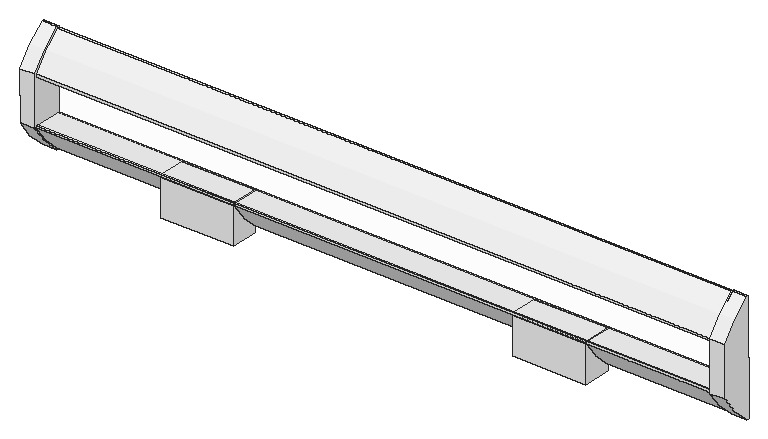
Revit family "SAE102-W", category Lighting Fixtures, host Face, Revit 2014
Parameters (values of type "SAE102-W-04")
  zz YesNo 1 = no
  zz Length 1 = 1' - 0"
  Wattage = 4 W
  Warranty = "5-Years Warranty"
  built-in parameter 1150110 = 1 (stored number, unit not read)
  Voltage = 120 V
  Type Comments = "Lighting FIxture"  # constant formula
  built-in parameter 1114217 = 1 (stored number, unit not read)
  Tilt Angle = -90.00°
  built-in parameter 1150109 = 1 (stored number, unit not read)
  built-in parameter 1150134 = (empty or 0)
  built-in parameter 1150113 = 1 (stored number, unit not read)
  Product Page URL = "https://www.hubbell.com/hubbelllightingci/en/Products/Lighting-Controls/Commercial-Indoor-Lighting/Wall-Mount/SAE102-Linear-Wall-IndirectDirect/p/2333076"
  Product Documentation Link = "https://hubbellcdn.com/specsheet/sae102_wall.pdf"
  Power Factor = 1
  Photometric Web File = "SAE102-W-ID-STD-4-SOF-CX-35K-I050-D040.ies"
  Photometric Notes = "More IES files download on Photometric Web Link"  # constant formula
  Photometric Link = "https://www.hubbell.com/hubbelllightingci/en/Products/Lighting-Controls/Commercial-Indoor-Lighting/Wall-Mount/SAE102-Linear-Wall-IndirectDirect/p/2333076"
  Row Length = 4' - 0"
  Wattage Comments = "133 lumens/watt"  # constant formula
  URL = "http://www.litecontrol.com/"
  Mounting = "Wall Mount"  # constant formula
  Model = "SAE102-W"  # constant formula
  Manufacturer = "Litecontrol Lighting"  # constant formula
  built-in parameter 1150105 = 39.789 (stored number, unit not read)
  Lumens = 500 lm
  built-in parameter 1150115 = 1 (stored number, unit not read)
  Load Classification = Lighting
  built-in parameter 1150137 = (empty or 0)
  built-in parameter 1150139 = (empty or 0)
  built-in parameter 1150112 = 1 (stored number, unit not read)
  built-in parameter 1150114 = 1 (stored number, unit not read)
  Lamp = "LED's"  # constant formula
  built-in parameter 1150132 = (empty or 0)
  built-in parameter 1150102 = (empty or 0)
  built-in parameter 1150107 = 3500 (stored number, unit not read)
  built-in parameter 1150138 = (empty or 0)
  built-in parameter 1150106 = 0.39789 (stored number, unit not read)
  Glass = Hubbell - White Glass
  Fixture Distribution = "Indirect/Direct"  # constant formula
  Emit from Rectangle Width = 0' - 4"  # constant formula
  Emit from Rectangle Length = Row Length - 0' 2"  # 3' - 10"
  Emit Shape Visible in Rendering = no
  built-in parameter 1150104 = 11.613 (stored number, unit not read)
  Downlight Diffuser = "Soft Glow Lens"  # constant formula
  Dimming Lamp Color Temperature Shift = <None>
  Description = "Linear Pendant Indirect/Direct"  # constant formula
  Default Elevation = 4' - 0"
  Create Date = "04/26/2018"  # constant formula
  Copyright = "Copyright © 2018 Litecontrol"  # constant formula
  Contact Us = "https://www.hubbell.com/litecontrol/en/contactUs?productId=2644187"
  Color Filter = 16777215
  Circuiting = "1 Circuit/2 Circuit - Uplight/Downlight"  # constant formula
  built-in parameter 1114218 = 1 (stored number, unit not read)
  Housing Material = Paint - Hubbell - Matte White
  built-in parameter 1150133 = 10 (stored number, unit not read)
  Assembly Code = "D5020200"
  Apparent Load = 0 VA
Types (6): name | zz YesNo 1 | zz Length 1 | Row Length | Emit from Rectangle Length
  (no name) | no | 1' - 0" | 4' - 0" | 3' - 10"
  SAE102-W-04 | no | 1' - 0" | 4' - 0" | 3' - 10"
  SAE102-W-02 | yes | 0' - 0" | 2' - 0" | 1' - 10"
  SAE102-W-03 | no | 0' - 6" | 3' - 0" | 2' - 10"
  SAE102-W-06 | no | 1' - 0" | 6' - 0" | 5' - 10"
  SAE102-W-08 | no | 1' - 0" | 8' - 0" | 7' - 10"
Reference planes (in)
  plane 1 "Center (Front/Back)": y = 13.01342
  plane 2: z = 0
  plane 3 "Center (Left/Right)": x = 0
Dimensions and locks (in)
  aligned and locked: plane 2 to host face
  aligned and locked: level to host face
  aligned and locked: plane 3 "Center (Left/Right)" to imposter light
  aligned and locked: plane 1 "Center (Front/Back)" to imposter light
  aligned and locked: plane 2 to nested 1
  aligned and locked: imposter light to nested 1
Nested families (in)
  nested 1: "102-W" at (-0.01104, 14.01342, 4.08501) x (1, 0, 0) z (0, -1, 0), Glass <- "Glass", Backbox <- "Housing Material", Row Length <- "Row Length", type "102-W"
    with Row Length 4' - 0", Glass Hubbell - White Glass, Backbox Paint - Hubbell - Matte White, zz YesNo 2 yes, zz YesNo 1 no, zz Length 1 1' - 0"
Connectors (in)
  electrical at (0, 12.13842, 4.125), driven by "Load Classification", driven by "Voltage", driven by "Apparent Load", driven by "Power Factor"
    settings: on nested 1, index 1, voltage 120 V, apparent load 0 VA, apparent load phase1 0 VA, apparent load phase2 0 VA, apparent load phase3 0 VA, power factor 1, load classification "Lighting", number of poles 1, system type 30, power factor state 1, is connector primary yes, connector utility no, sub classification motor no, connector description "Electrical Connector"
Definition of nested family "102-W"
  Parameters (values of type "102-W")
    zz YesNo 2 = not(zz YesNo 1)  # no
    zz YesNo 1 = yes
    zz Length 2 = 0' - 5"
    zz Length 1 = 0' - 4"
    Wattage Comments = ""
    URL = ""
    Model = ""
    Manufacturer = ""
    Row Length [instance] = 4' - 0"
    Lamp = ""
    Glass [instance] = none
    Description = ""
    Default Elevation = 4' - 0"
    Backbox [instance] = none
    Apparent Load = 0 VA
  Reference planes (in)
    plane 1 "Center (Front/Back)": y = 0.03999
    plane 2: z = 0
    plane 3 "Center (Left/Right)": x = 0.01104
    plane 4: z = 2
    plane 5: z = 1.875
    plane 6: x = -23.98896
    plane 7: x = 24.01104
    plane 8: x = -22.98896
    plane 9: x = 23.01104
    plane 10: y = 1.53999
    plane 11: y = -1.46001
    plane 12: z = 0.125
    plane 13: y = -3.71001
    plane 14: y = 3.78999
    plane 15: y = 3.66499
    plane 16: y = -3.58501
    plane 17: y = -4.08501
    plane 18: x = -2.48896
    plane 19: x = 2.51104
    plane 20: x = -19.98896
    plane 21: x = -22.48896
    plane 22: x = -17.48896
    plane 23: x = 20.01104
    plane 24: x = 22.51104
    plane 25: x = 17.51104
  Forms (in)
    Extrusion 1, solid
      sketch origin (0, 0, 0.06357) x (1, 0, 0) y (0, 1, 0)
        loop
          line (-48, 48) -> (-48, -48) -> (48, -48) -> (48, 48) -> (-48, 48)
      from -0.06357 to -12.81105
    Extrusion 2, solid, material <- "Backbox"
      sketch origin (23.01104, -180, 29.46954) x (0, 0, 1) y (0, -1, 0)
        loop
          line (-27.46954, -181.70759) -> (-27.46954, -178.37239)
          arc (-27.46954, -178.37239) -> (-28.31111, -177.24482) -> (-29.34454, -176.28999) r 7.66802
          line (-29.34454, -176.28999) -> (-29.46954, -176.28999) -> (-29.46954, -183.78999) -> (-29.34454, -183.78999)
          arc (-29.34454, -183.78999) -> (-28.31111, -182.83517) -> (-27.46954, -181.70759) r 7.66802
      from 0 to 1
    Extrusion 3, solid, material <- "Backbox"
      sketch origin (-22.98896, -180, 28.85133) x (0, 0, 1) y (0, -1, 0)
        loop
          line (-26.85133, -181.70759) -> (-26.85133, -178.37239)
          arc (-26.85133, -178.37239) -> (-27.6929, -177.24482) -> (-28.72633, -176.28999) r 7.66802
          line (-28.72633, -176.28999) -> (-28.85133, -176.28999) -> (-28.85133, -183.78999) -> (-28.72633, -183.78999)
          arc (-28.72633, -183.78999) -> (-27.6929, -182.83517) -> (-26.85133, -181.70759) r 7.66802
      from 0 to -1
    Extrusion 4, solid, material <- "Glass"
      sketch origin (-23.78896, 8.13374, 2) x (0, -1, 0) y (1, 0, 0)
        loop
          line (6.59375, 0.8) -> (9.59375, 0.8) -> (9.59375, 46.8) -> (6.59375, 46.8) -> (6.59375, 0.8)
      from -0.125 to -1.875
    Extrusion 5, solid, material <- "Backbox"
      sketch origin (0.01104, 0, 0) x (0, 1, 0) y (0, 0, 1)
        loop
          line (1.53999, 1.9375) -> (1.53999, 0) -> (3.72749, 0) -> (3.72749, 0.10375)
          arc (3.72749, 0.10375) -> (2.79201, 1.11318) -> (1.68994, 1.9375) r 7.60552
          line (1.68994, 1.9375) -> (1.53999, 1.9375)
        loop
          line (-1.46001, 1.9375) -> (-1.60996, 1.9375)
          arc (-1.60996, 1.9375) -> (-2.71203, 1.11318) -> (-3.64751, 0.10375) r 7.60552
          line (-3.64751, 0.10375) -> (-3.64751, 0) -> (-1.46001, 0) -> (-1.46001, 1.9375)
      from -23 to 23
    Extrusion 6, solid, material <- "Backbox", visible <- "zz YesNo 2"
      sketch origin (-25.90825, 0, 0) x (0, 1, 0) y (0, 0, -1)
        loop
          line (-1.46001, -1.9375) -> (-1.46001, -0.125) -> (-4.08501, -0.125) -> (-4.08501, -1.9375) -> (-1.46001, -1.9375)
      from -8.41929 to -3.41929
    Extrusion 7, solid, material <- "Backbox", visible <- "zz YesNo 2"
      sketch origin (25.93033, 0, 0) x (0, 1, 0) y (0, 0, 1)
        loop
          line (-1.46001, 1.9375) -> (-4.08501, 1.9375) -> (-4.08501, 0.125) -> (-1.46001, 0.125) -> (-1.46001, 1.9375)
      from -8.41929 to -3.41929
    Extrusion 8, solid, material <- "Backbox", visible <- "zz YesNo 1"
      sketch origin (1.73084, 0, 0) x (0, 1, 0) y (0, 0, 1)
        loop
          line (-1.46001, 1.9375) -> (-4.08501, 1.9375) -> (-4.08501, 0.125) -> (-1.46001, 0.125) -> (-1.46001, 1.9375)
      from -4.2198 to 0.7802
  Cuts and joins
    joined: Extrusion 2, Extrusion 3
  Dimensions and locks (in)
    plane 4 to Extrusion 1 = 0' - 2"
    "Row Length": plane 7 to plane 6
    locked: plane 8 to plane 6 at 1
    locked: plane 7 to plane 9 at 1
    equal spacing: plane 7, plane 3 "Center (Left/Right)", plane 6
    locked: plane 12 to Extrusion 1 at 0.125
    locked: plane 10 to plane 11 at 3
    equal spacing: plane 10, plane 1 "Center (Front/Back)", plane 11, locked at 1.5 each
    locked: plane 14 to plane 15 at 0.125
    locked: plane 16 to plane 13 at 0.125
    plane 13 to plane 14 = 0' - 7 1/2"
    plane 13 to plane 1 "Center (Front/Back)" = 0' - 3 3/4"
    equal spacing: plane 14, plane 1 "Center (Front/Back)", plane 13
    locked: plane 4 to plane 5 at 0.125
    plane 14 to plane 17 = 0' - 7 7/8"
    equal spacing: plane 19, plane 3 "Center (Left/Right)", plane 18, locked at 2.5 each
    "zz Length 2": plane 22 to plane 21
    equal spacing: plane 22, plane 20, plane 21, locked at 2.5 each
    equal spacing: plane 25, plane 23, plane 24, locked at 2.5 each
    "zz Length 2": plane 24 to plane 25
    "zz Length 1": plane 20 to plane 6
    "zz Length 1": plane 7 to plane 23
    aligned and locked: plane 2 to Extrusion 1
    aligned and locked: plane 7 to cut or joined group of Extrusion 2, Extrusion 3
    aligned and locked: cut or joined group of Extrusion 2, Extrusion 3 to plane 6
    aligned and locked: Extrusion 5 to plane 8
    aligned and locked: plane 9 to Extrusion 5
    aligned and locked: plane 10 to Extrusion 4 sketch curve
    aligned and locked: plane 11 to Extrusion 4 sketch curve
    aligned and locked: Extrusion 3 to Extrusion 4
    aligned and locked: Extrusion 2 to Extrusion 4
    aligned and locked: Extrusion 2 to plane 9
    aligned and locked: plane 5 to Extrusion 4
    aligned and locked: Extrusion 3 sketch curve to plane 13
    aligned and locked: Extrusion 3 to level
    aligned and locked: Extrusion 2 sketch curve to cut or joined group of Extrusion 2, Extrusion 3  (x6)
    aligned and locked: plane 8 to Extrusion 3
    aligned and locked: Extrusion 5 sketch curve to plane 10
    aligned and locked: plane 2 to Extrusion 5 sketch curve
    aligned and locked: Extrusion 6 to plane 22
    aligned and locked: Extrusion 6 to plane 21
    aligned and locked: Extrusion 7 to plane 25
    aligned and locked: Extrusion 7 to plane 24
    aligned and locked: Extrusion 8 to plane 19
    aligned and locked: Extrusion 8 to plane 18
  Automatic sketch dimensions
    Extrusion 1 sketch curve to Extrusion 1 sketch curve = 8' - 0"  (x2)
    Extrusion 3 sketch curve to level = 0' - 0"
    Extrusion 3 sketch curve to plane 12 = 0' - 0"  (x2)
    Extrusion 3 sketch curve to plane 4 = 0' - 0"
    Extrusion 3 sketch curve to plane 14 = 0' - 0"
    Extrusion 3 sketch curve to plane 11 = 0' - 0.83573"
    Extrusion 3 sketch curve to level = 0' - 4.54002"  (x2)
    Extrusion 3 sketch curve to plane 10 = 0' - 0.83573"
    Extrusion 4 sketch curve to plane 8 = 0' - 0"
    Extrusion 4 sketch curve to plane 9 = 0' - 0"
    Extrusion 5 sketch curve to level = 0' - 0"
    Extrusion 5 sketch curve to plane 11 = 0' - 0"
    Extrusion 5 sketch curve to plane 4 = 0' - 0 1/16"  (x2)
    Extrusion 5 sketch curve to plane 11 = 0' - 0.14995"
    Extrusion 5 sketch curve to plane 11 = 0' - 0.83573"
    Extrusion 5 sketch curve to plane 13 = 0' - 0 1/16"
    Extrusion 5 sketch curve to Extrusion 5 sketch curve = 0' - 0.14995"
    Extrusion 5 sketch curve to plane 10 = 0' - 0.83573"
    Extrusion 5 sketch curve to plane 14 = 0' - 0 1/16"
    Extrusion 5 sketch curve to level = 0' - 4.54002"  (x2)
    Extrusion 6 sketch curve to plane 17 = 0' - 0"
    level to Extrusion 6 sketch curve = 0' - 0 1/8"
    Extrusion 6 sketch curve to plane 11 = 0' - 0"
    Extrusion 6 sketch curve to plane 4 = 0' - 0 1/16"
    Extrusion 7 sketch curve to plane 17 = 0' - 0"
    level to Extrusion 7 sketch curve = 0' - 0 1/8"
    Extrusion 7 sketch curve to plane 11 = 0' - 0"
    Extrusion 7 sketch curve to plane 4 = 0' - 0 1/16"
    Extrusion 8 sketch curve to plane 17 = 0' - 0"
    level to Extrusion 8 sketch curve = 0' - 0 1/8"
    Extrusion 8 sketch curve to plane 11 = 0' - 0"
    Extrusion 8 sketch curve to plane 4 = 0' - 0 1/16"
